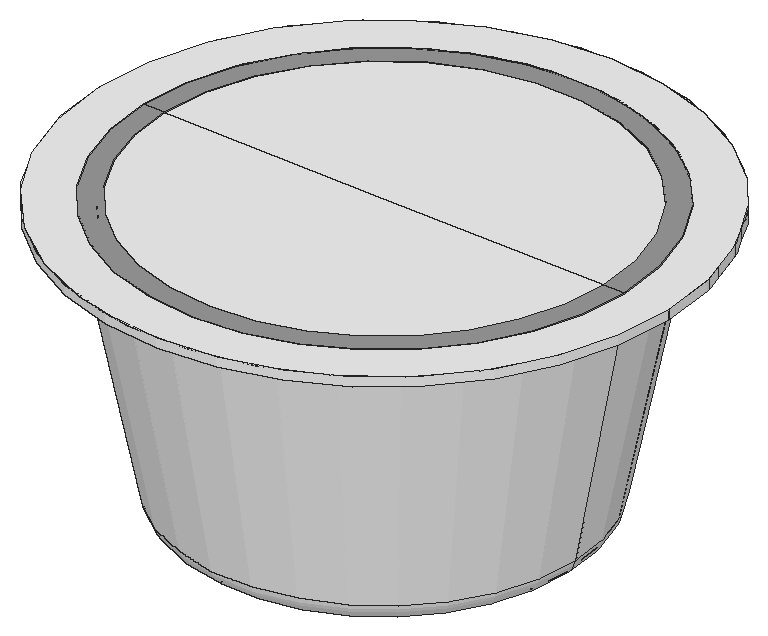
Revit family "2060701", category Lighting Fixtures, host Face, Revit 2018
Family settings
  Host = Face
  Round Connector Dimension = Use Diameter
  Part Type = Normal
  OmniClass Number = 23.80.70.11.17
  OmniClass Title = Specialized Lighting by Location or Use
  Cut with Voids When Loaded = No
  Light Source = Yes
  Shared = No
  Room Calculation Point = No
Parameters (values of type "2060701 ASC100 II ARCH 980 4K IP65 DALI EMG 160")
  WidthBezelAcc_SYL = 25.0 mm
  Weight = "n/a"
  Wattage = 7 W
  WarrantyStartDate [instance] = "n/a"
  WarrantyGuarantorParts = "n/a"
  WarrantyDurationUnit = "n/a"
  WarrantyDurationParts = ""
  WarrantyDescription = "http://www.sylvania-lighting.com"
  built-in parameter 1150110 = 1 (stored number, unit not read)
  Voltage = 0 V
  VisibilityAccessory_SYL = no
  TypeName = "ASCENT 100 II ARCH 980 4K IP65 DALI EMG 160"
  built-in parameter 1114217 = 1 (stored number, unit not read)
  Tilt Angle = -90°
  built-in parameter 1150109 = 1 (stored number, unit not read)
  built-in parameter 1150134 = (empty or 0)
  built-in parameter 1150113 = 1 (stored number, unit not read)
  SerialNumber [instance] = "n/a"
  ReflectorRadius_SYL = Radius_SYL - 14.5 mm  # 80.0 mm
  RadiusAcc_SYL = 104.5 mm
  Radius_SYL = 94.5 mm
  URL = "0.95"
  PowerFactor = 0
  PowerConsumption = "Lighting"
  Photometric Web File = "2060701.ies"
  NominalWidth = 0.0 mm
  NominalLength = 209.0 mm
  NominalHeight = 94.0 mm
  Name = "ASCENT 100 II ARCH 980 4K IP65 DALI EMG 160"
  ModelReference = "ASCENT 100 II ARCH 980 4K IP65 DALI EMG 160"
  ModelNumber = "2060701"
  Material_4_SYL = none
  Material_3_SYL = Polycarbonate_Sylvania_Ascent_Opal
  Material_2_SYL = Aluminium_Sylvania_Ascent_Silver
  Material_1_SYL = Aluminum_Sylvania_Ascent_White
  Material = "Feilo Sylvania"
  ManufacturerName = "109 lm/W"
  LuminousEfficacy = ""
  built-in parameter 1150105 = 76.872 (stored number, unit not read)
  Lumens = 966 lm
  LuminaireType = "0"
  built-in parameter 1150115 = 1 (stored number, unit not read)
  LightOutputRatio = "LED"
  built-in parameter 1150137 = (empty or 0)
  built-in parameter 1150139 = (empty or 0)
  LampsType = Lamp  # "n/a"
  LampNominalLuminous = "4000 K"
  LampMacAdamStep = "80"
  LampColourTemperature = "LED"
  LampColourRenderingIndex = "16500"
  built-in parameter 1150112 = 1 (stored number, unit not read)
  built-in parameter 1150114 = 1 (stored number, unit not read)
  Keynote = "n/a"
  InstallationDate [instance] = "n/a"
  InputVoltage = "0"
  InputNominalFrequency = "4000"
  built-in parameter 1150132 = (empty or 0)
  built-in parameter 1150102 = (empty or 0)
  built-in parameter 1150107 = 3000 (stored number, unit not read)
  built-in parameter 1150138 = (empty or 0)
  IngressProtection = "IfcLightFixtureType"
  ImpactProtectionIndex = "IfcLightFixtureType"
  built-in parameter 1150106 = 0.76872 (stored number, unit not read)
  IfcExportType = "IfcLightFixtureType"
  IfcExportAs = "Class II"
  HeightAcc_SYL = 7.0 mm
  Height = 96.0 mm
  ExpectedLife = 50000
  EmittionSurface_SYL = if(VisibilityAccessory_SYL, 7.0 mm, 3.0 mm)  # 3.0 mm
  Emit from Circle Diameter = DiffuserRadius_SYL * 2  # 146.0 mm
  Emit Shape Visible in Rendering = no
  ElectricShockClassification = "109"
  built-in parameter 1150104 = 12.821 (stored number, unit not read)
  DurationUnit = "hours"
  DocumentationLiterature = "http://www.sylvania-lighting.com/product/en-int/products/2060701"
  DimmingControlOptions = "n/a"
  Dimming Lamp Color Temperature Shift = <None>
  DiffuserRadius_SYL = ReflectorRadius_SYL - 7.0 mm  # 73.0 mm
  Diameter_SYL = 2 * Radius_SYL  # 189.0 mm
  CutoutDiameter_SYL = Diameter_SYL - 13.0 mm  # 176.0 mm
  CreatedOn = "08/06/2021"
  CreatedBy = "@sylvania-lighting.com"
  Color Filter = 16777215
  built-in parameter 1114216 [instance] = 1 (stored number, unit not read)
  Model = "ASCENT 100 II ARCH 980 4K IP65 DALI EMG 160"
  Manufacturer = ""
  Lamp = "n/a"
  Description = "Direct LED retro fit for original LED 100 Arch (160) single CFL lamp offering Matching lumen levels and improved light distribution of original LED 100 CFL lamp equivalents Typically half the power consumption compared to CFL Up to 112lm/W 160mm aperture Architectural reflector accepts range of glass accessories from existing LED 100 Arch 160 offering HE, HO and VHO versions equivalent of single 1 x 18W, 1 x 32W, 1 x 42W\r\n Additional VVHO versions which offer the performance circa 2 x 32W equivalent"  # constant formula
  Default Elevation = 0.0 mm
  built-in parameter 1140040 [instance] = 1
  BarCode [instance] = "n/a"
  built-in parameter 1114218 = 1 (stored number, unit not read)
  built-in parameter 1150133 = 10 (stored number, unit not read)
  AssetType = "Fixed"
  AssetIdentifier [instance] = "n/a"
  Assembly Code = "D5020200"
  Apparent Load = 9 VA
  Aperture_SYL = 2 * ReflectorRadius_SYL  # 160.0 mm
Reference planes
  plane 1 "Center (Front/Back)": y = 0
  plane 2: z = 0
  plane 3 "Center (Left/Right)": x = 0
  plane 4 "Fixture Bottom": z = 3
  plane 5: z = -52.5
  plane 6 "Fixture Top": z = -89
  plane 7: x = -104.5
  plane 8: z = 7
  plane 9: x = -79.5
  plane 10: z = 5
  plane 11: x = -102.5
Forms (mm)
  Extrusion 1, solid, material "Aluminum_Sylvania_Ascent_White", detail levels fine
    sketch origin (0, 0, 0) x (1, 0, 0) y (0, 1, 0)
      loop
        circle (0, 0) r 94.5
      loop
        circle (0, 0) r 80
    from 0 to 3
  Extrusion 2, void
    sketch origin (0, 0, 0) x (1, 0, 0) y (0, 1, 0)
      loop
        circle (0, 0) r 88
    from -89 to 3
  Revolve 3, solid, material "Aluminum_Sylvania_Ascent_White" <- "Material_1_SYL", detail levels fine
    sketch origin (0, 0, 0) x (1, 0, 0) y (0, 0, 1)
      loop
        line (0, -89.073) -> (0, -87.023) -> (-55.468, -87.014)
        arc (-55.468, -87.014) -> (-59.352, -85.613) -> (-61.54, -82.139) r 6.307
        line (-61.54, -82.139) -> (-77.991, -2.838) -> (-77.991, 0) -> (-80, 0) -> (-80, -3) -> (-63.5, -82.536)
        arc (-63.5, -82.536) -> (-60.643, -87.203) -> (-55.5, -89.073) r 8.291
        line (-55.5, -89.073) -> (0, -89.073)
      axis (0, 0) -> (0, -89.073)
    angle from 0 to 360
  Revolve 4, solid, material "Aluminium_Sylvania_Ascent_Silver" <- "Material_2_SYL", detail levels fine
    sketch origin (0, 0, 0) x (1, 0, 0) y (0, 0, 1)
      loop
        line (-80, 3) -> (-80, 0) -> (-75, 0)
        arc (-75, 0) -> (-72.349, -26.77) -> (-64.5, -52.5) r 136.5
        line (-64.5, -52.5) -> (-58, -52.5)
        arc (-58, -52.5) -> (-56.857, -61.521) -> (-53.5, -69.971) r 36.166
        line (-53.5, -69.971) -> (0, -69.971) -> (0, -50.5) -> (-63.16, -50.5)
        arc (-63.16, -50.5) -> (-70.517, -25.725) -> (-73, 0) r 134.5
        line (-73, 0) -> (-73, 3) -> (-80, 3)
      axis (0, 3) -> (0, -69.971)
    angle from 0 to 360
  Revolve 5, solid, material "Aluminum_Sylvania_Ascent_White" <- "Material_1_SYL", detail levels medium+fine
    sketch origin (0, 0, 0) x (1, 0, 0) y (0, 0, 1)
      loop
        line (0, -89.073) -> (0, 3) -> (-94.5, 3) -> (-94.5, 0) -> (-79.5, 0) -> (-79.5, -3) -> (-63, -82.536)
        arc (-63, -82.536) -> (-60.143, -87.203) -> (-55, -89.073) r 8.291
        line (-55, -89.073) -> (0, -89.073)
      axis (0, 3) -> (0, -89.073)
    angle from 0 to 360
  Revolve 6, solid, material "Aluminum_Sylvania_Ascent_White" <- "Material_1_SYL", visible <- "VisibilityAccessory_SYL", detail levels medium+fine
    sketch origin (0, 0, 0) x (1, 0, 0) y (0, 0, 1)
      loop
        line (-104.5, 0) -> (-102.5, 0) -> (-102.5, 5) -> (-79.5, 5) -> (-79.5, 7) -> (-104.5, 7) -> (-104.5, 0)
      axis (0, 7) -> (0, 0)
    angle from 0 to 360
  Extrusion 7, solid, detail levels coarse
    sketch origin (0, 0, 0) x (1, 0, 0) y (0, 0, 1)
      loop
        line (104.421, 7) -> (-104.5, 7) -> (-104.5, -89) -> (104.421, -89) -> (104.421, 7)
    from -104.368 to 104.563
Lines and regions (mm)
  reference lines
    curve 1: line (-149.5, 0, 3) -> (125, 0, 3)
Dimensions and locks
  locked: plane 4 "Fixture Bottom" to plane 2 at 3
  "ReflectorRadius_SYL": plane 3 "Center (Left/Right)" to Revolve 4 sketch curve
  locked: Revolve 4 sketch curve to Revolve 4 sketch curve at 15.5
  locked: Revolve 4 sketch curve to Revolve 4 sketch curve at 5
  locked: Revolve 4 sketch curve to Revolve 4 sketch curve at 7
  locked: Revolve 4 sketch curve to Revolve 4 sketch curve at 22
  locked: Revolve 4 sketch curve to Revolve 4 sketch curve at 26.5
  locked: Revolve 3 sketch curve to Revolve 3 sketch curve at 16.5
  locked: Revolve 3 sketch curve to Revolve 3 sketch curve at 24.5
  "ReflectorRadius_SYL": Revolve 3 sketch curve to plane 3 "Center (Left/Right)"
  locked: Revolve 3 sketch curve to plane 6 "Fixture Top" at 6.464
  locked: plane 2 to Revolve 3 sketch curve at 3
  locked: Revolve 3 sketch curve to Revolve 3 sketch curve at 2
  locked: Revolve 3 sketch curve to Revolve 3 sketch curve at 2.009
  locked: plane 2 to plane 5 at 52.5
  locked: Revolve 5 sketch curve to Revolve 5 sketch curve at 31.5
  locked: Revolve 5 sketch curve to Revolve 5 sketch curve at 39.5
  locked: Revolve 5 sketch curve to Revolve 5 sketch curve at 15
  "Radius_SYL": plane 3 "Center (Left/Right)" to Revolve 5 sketch curve
  "RadiusAcc_SYL": plane 3 "Center (Left/Right)" to plane 7
  "HeightAcc_SYL": plane 8 to level
  locked: plane 7 to plane 11 at 2
  locked: plane 8 to plane 10 at 2
  "Height": plane 6 "Fixture Top" to plane 8
  "CutoutDiameter_SYL": diameter of Extrusion 2 sketch curve
  "ReflectorRadius_SYL": radius of Extrusion 1 sketch curve
  "Radius_SYL": radius of Extrusion 1 sketch curve
  aligned and locked: host face to plane 2
  aligned and locked: host face to level
  aligned and locked: plane 4 "Fixture Bottom" to Extrusion 1
  aligned and locked: Extrusion 1 to plane 2
  aligned and locked: Revolve 3 sketch curve to plane 3 "Center (Left/Right)"
  aligned and locked: Revolve 4 sketch curve to plane 3 "Center (Left/Right)"  (x2)
  aligned and locked: plane 4 "Fixture Bottom" to Revolve 4 sketch curve
  aligned and locked: plane 2 to Revolve 3 sketch curve  (x2)
  aligned and locked: Revolve 5 sketch curve to plane 3 "Center (Left/Right)"
  aligned and locked: plane 6 "Fixture Top" to Extrusion 2
  aligned and locked: Revolve 6 sketch curve to plane 3 "Center (Left/Right)"
  aligned and locked: host face to Revolve 6 sketch curve  (x2)
  aligned and locked: Revolve 6 sketch curve to plane 7
  aligned and locked: plane 8 to Revolve 6 sketch curve
  aligned and locked: plane 9 to Revolve 6 sketch curve
  aligned and locked: Revolve 6 sketch curve to plane 10
  aligned and locked: plane 11 to Revolve 6 sketch curve
  aligned and locked: plane 3 "Center (Left/Right)" to imposter light
  aligned and locked: imposter light to plane 1 "Center (Front/Back)"
  aligned and locked: imposter light to curve 1
Automatic sketch dimensions
  plane 1 "Center (Front/Back)" to Extrusion 2 sketch curve = 0.0 mm
  Extrusion 2 sketch curve to plane 3 "Center (Left/Right)" = 0.0 mm
  Extrusion 1 sketch curve to Extrusion 1 sketch curve = 0.0 mm  (x2)
  plane 1 "Center (Front/Back)" to Extrusion 1 sketch curve = 0.0 mm
  Extrusion 1 sketch curve to plane 3 "Center (Left/Right)" = 0.0 mm
  plane 6 "Fixture Top" to Revolve 3 sketch curve = 0.073 mm
  Revolve 3 sketch curve to plane 6 "Fixture Top" = 6.861 mm
  Revolve 3 sketch curve to Revolve 3 sketch curve = 0.003 mm
  Revolve 3 sketch curve to Revolve 3 sketch curve = 0.009 mm  (x2)
  Revolve 3 sketch curve to Revolve 3 sketch curve = 0.023 mm
  Revolve 3 sketch curve to Revolve 3 sketch curve = 0.072 mm
  Revolve 3 sketch curve to Revolve 3 sketch curve = 0.008 mm
  Revolve 3 sketch curve to plane 6 "Fixture Top" = 1.977 mm
  Revolve 3 sketch curve to Revolve 3 sketch curve = 33.496 mm
  Revolve 3 sketch curve to Revolve 3 sketch curve = 0.028 mm
  plane 4 "Fixture Bottom" to Revolve 3 sketch curve = 82.431 mm
  Revolve 4 sketch curve to Revolve 4 sketch curve = 0.0 mm  (x2)
  Revolve 4 sketch curve to plane 5 = 0.0 mm
  Revolve 4 sketch curve to level = 0.0 mm
  plane 5 to Revolve 4 sketch curve = 2.0 mm
  plane 4 "Fixture Bottom" to Revolve 4 sketch curve = 9.642 mm
  Revolve 4 sketch curve to level = 69.971 mm
  Revolve 4 sketch curve to Revolve 4 sketch curve = 2.387 mm
  Revolve 5 sketch curve to level = 0.0 mm
  Revolve 5 sketch curve to plane 3 "Center (Left/Right)" = 0.0 mm
  Revolve 5 sketch curve to Revolve 5 sketch curve = 8.104 mm
  Revolve 5 sketch curve to level = 3.0 mm
  Revolve 5 sketch curve to plane 6 "Fixture Top" = 6.464 mm
  plane 6 "Fixture Top" to Revolve 5 sketch curve = 0.073 mm
  Revolve 5 sketch curve to Revolve 5 sketch curve = 33.496 mm
  plane 4 "Fixture Bottom" to Revolve 5 sketch curve = 82.431 mm
  host sketch curve to host sketch curve = 1704.996 mm
  host sketch curve to host sketch curve = 1500.0 mm
  plane 6 "Fixture Top" to Revolve 6 sketch curve = 281.274 mm
  Revolve 6 sketch curve to plane 8 = 1140.706 mm
  Revolve 3 sketch curve to plane 3 "Center (Left/Right)" = 0.0 mm
  Revolve 5 sketch curve to plane 4 "Fixture Bottom" = 0.0 mm
  plane 7 to curve 1 = 45.0 mm
  plane 3 "Center (Left/Right)" to curve 1 = 125.0 mm
  curve 1 to plane 4 "Fixture Bottom" = 0.0 mm
  plane 7 to Extrusion 7 sketch curve = 0.0 mm
  Extrusion 7 sketch curve to plane 6 "Fixture Top" = 0.0 mm
  Extrusion 7 sketch curve to plane 8 = 0.0 mm
  plane 3 "Center (Left/Right)" to Extrusion 7 sketch curve = 104.421 mm
Connectors
  electrical at (0, 0, -89.073), driven by "Apparent Load"
    settings: on Revolve 3, index 1, voltage 240 V, apparent load 0 VA, apparent load phase1 9 VA, apparent load phase2 0 VA, apparent load phase3 0 VA, power factor 1, load classification "Lighting", number of poles 1, system type 31, power factor state 1, is connector primary yes, connector utility no, sub classification motor no, connector description ""
